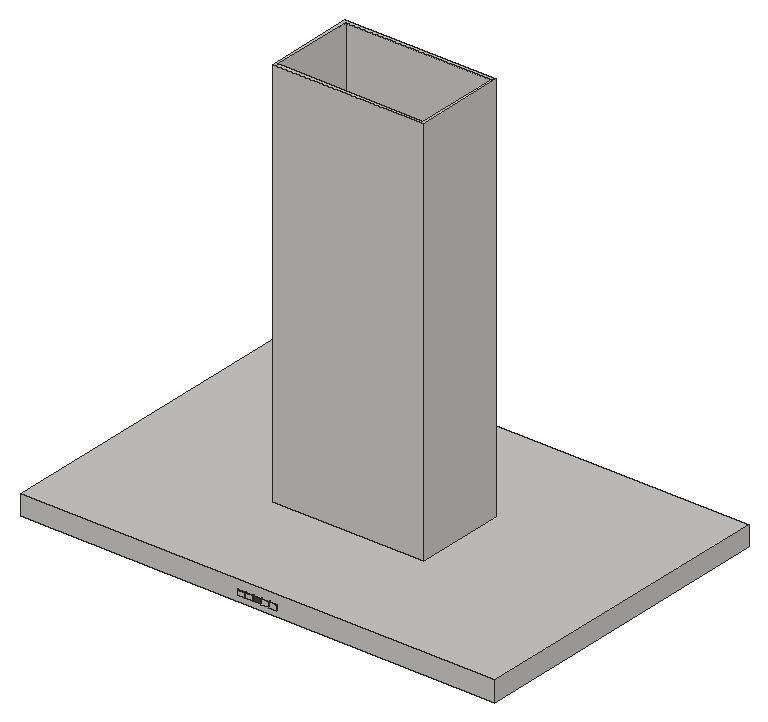
Revit family "Qf_Summit_SEIH4648CV4_48 inches Wide Island Hood", category Specialty Equipment, Revit 2020
Family settings
  Round Connector Dimension = Use Diameter
  Part Type = Normal
  Work Plane-Based = No
  Always vertical = Yes
  Cut with Voids When Loaded = No
  Shared = No
  Room Calculation Point = No
Parameters
  Weight in Pounds = 77
  Watts = FL Amps * Volts  # 678.5 W
  Volts = 115 V
  Ventilation Remarks = ""
  URL Cutsheet = ""
  Specification by User = ""
  Specification by Manufacturer = ""
  Show Clearance [instance] = yes
  Show Casters [instance] = yes
  Serial Number = ""
  Seismic Rating = ""
  SMACNA No = ""
  Revision Code = ""
  Phase = 1
  Number of Poles = 1
  NAFEM Spec ID Number = ""
  Model = "SEIH4648CV4"
  Min Ckt Ampacity = 0 A
  Max Overcurrent Protection = 0 A
  Masterspec = ""
  Manufacturer = "Summit"
  Length = 47 1/4"
  Item Number = ""
  Installed By = ""
  Identify Quantity as Lot = yes
  Height = 41"
  HP = ""
  Furnished By = ""
  Foodservice Equipment Identifier = yes
  FL Amps = 5.9 A
  Exhaust Volume = 200 CFM
  Exhaust Vent Width = 15"
  Exhaust Vent Diameter = 0"
  Exhaust Vent Depth = 9"
  Exhaust Static Press = 0.00 in-wg
  Exhaust RI Height = 0"
  Electrical Remarks = ""
  Electric Connection Type = ""
  Elec Conn RI Height = 0"
  Elec Conn Connection Height = 0"
  Description = "48\" Wide Island Hood"
  Depth = 31 1/2"
  Default Elevation = 0"
  Cycle = 60 Hz
  Conn Plug = ""
  Conn Conduit = yes
  CSI MasterFormat = ""
  Apparent Power = 828 VA
Reference planes (in)
  plane 1: z = 0
  plane 2 "LEFT": x = 0
  plane 3 "RIGHT": x = 47.25
  plane 4 "FRONT": y = -32.25
  plane 5 "TOP": z = 41
  plane 6 "Center Y": x = 23.625
  plane 7 "Center X": y = -16.5
  plane 8 "BACK": y = -0.75
  plane 9: z = 2
  plane 10: x = 16.125
  plane 11: x = 31.125
Forms (in)
  Extrusion 1, solid, material "QF_Metal_Stainless_Polished"
    sketch origin (0, 0, 0) x (1, 0, 0) y (0, 1, 0)
      loop
        line (16.375, -20.7475) -> (30.875, -20.7475) -> (30.875, -12.25) -> (16.375, -12.25) -> (16.375, -20.7475)
      loop
        line (16.125, -12) -> (16.125, -20.9975) -> (31.125, -20.9975) -> (31.125, -12) -> (16.125, -12)
    from 2 to 41
  Extrusion 2, solid, material "QF_Metal_Stainless_Polished"
    sketch origin (0, 0, 0) x (1, 0, 0) y (0, 1, 0)
      loop
        line (0, -0.75) -> (0, -32.25) -> (47.25, -32.25) -> (47.25, -0.75) -> (0, -0.75)
      loop
        line (2, -2.75) -> (2, -15) -> (12.71129, -15) -> (12.71129, -2.75) -> (8.67457, -2.75) -> (8.67457, -4.3646) -> (6.24421, -4.3646) -> (6.24421, -2.75) -> (2, -2.75)
      loop
        line (45.25, -2.75) -> (41.00579, -2.75) -> (41.00579, -4.3646) -> (38.57543, -4.3646) -> (38.57543, -2.75) -> (34.53871, -2.75) -> (34.53871, -15) -> (45.25, -15) -> (45.25, -2.75)
      loop
        line (12.8911, -15) -> (23.53989, -15) -> (23.53989, -2.75) -> (19.37817, -2.75) -> (19.37817, -4.3646) -> (16.94781, -4.3646) -> (16.94781, -2.75) -> (12.8911, -2.75) -> (12.8911, -15)
      loop
        line (2, -30.25) -> (6.24421, -30.25) -> (6.24421, -28.6354) -> (8.67457, -28.6354) -> (8.67457, -30.25) -> (12.71129, -30.25) -> (12.71129, -18) -> (2, -18) -> (2, -30.25)
      loop
        line (45.25, -18) -> (34.53871, -18) -> (34.53871, -30.25) -> (38.57543, -30.25) -> (38.57543, -28.6354) -> (41.00579, -28.6354) -> (41.00579, -30.25) -> (45.25, -30.25) -> (45.25, -18)
      loop
        line (34.3589, -15) -> (34.3589, -2.75) -> (30.30219, -2.75) -> (30.30219, -4.3646) -> (27.87183, -4.3646) -> (27.87183, -2.75) -> (23.71011, -2.75) -> (23.71011, -15) -> (34.3589, -15)
      loop
        line (12.8911, -18) -> (12.8911, -30.25) -> (16.94781, -30.25) -> (16.94781, -28.6354) -> (19.37817, -28.6354) -> (19.37817, -30.25) -> (23.53989, -30.25) -> (23.53989, -18) -> (12.8911, -18)
      loop
        line (34.3589, -18) -> (23.71011, -18) -> (23.71011, -30.25) -> (27.87183, -30.25) -> (27.87183, -28.6354) -> (30.30219, -28.6354) -> (30.30219, -30.25) -> (34.3589, -30.25) -> (34.3589, -18)
    from 0 to 2
  Extrusion 3, solid, material "QF_Metal_Stainless_Polished"
    sketch origin (10.21875, -0.75, 60) x (1, 0, 0) y (0, 0, -1)
      loop
        circle (13.40625, 47.91486) r 0.25
    from -11.25 to -11
  Extrusion 4, solid, material "QF_Metal_Stainless_Polished"
    sketch origin (1.75, -19.5, 18.5) x (1, 0, 0) y (0, 0, 1)
      loop
        line (23.03457, -17.37374) -> (22.28457, -17.37374) -> (22.28457, -17.87374) -> (23.03457, -17.87374) -> (23.03457, -17.37374)
      loop
        line (20.71543, -17.37374) -> (20.71543, -17.87374) -> (21.46543, -17.87374) -> (21.46543, -17.37374) -> (20.71543, -17.37374)
      loop
        line (19.93085, -17.37374) -> (19.93085, -17.87374) -> (20.68085, -17.87374) -> (20.68085, -17.37374) -> (19.93085, -17.37374)
      loop
        line (23.81915, -17.37374) -> (23.06915, -17.37374) -> (23.06915, -17.87374) -> (23.81915, -17.87374) -> (23.81915, -17.37374)
    from 12.75 to 12.82573
  Extrusion 5, solid, material "QF_Metallic_Paint_Black_Glossy"
    sketch origin (1.75, -19.5, 18.69115) x (1, 0, 0) y (0, 0, 1)
      loop
        line (22.25, -17.56489) -> (21.5, -17.56489) -> (21.5, -18.06489) -> (22.25, -18.06489) -> (22.25, -17.56489)
    from 12.75 to 12.82573
  Extrusion 6, solid, material "QF_Plastic_White_Smooth"
    sketch origin (7.125, -40.125, 0) x (0, 1, 0) y (-1, 0, 0)
      loop
        line (37.25, 5) -> (25.15625, 5) -> (25.15625, -5.53531) -> (37.25, -5.53531) -> (37.25, -1.59781) -> (35.71875, -1.59781) -> (35.71875, 0.93344) -> (37.25, 0.93344) -> (37.25, 5)
      loop
        line (37.25, -16.34894) -> (37.25, -12.28237) -> (35.71875, -12.28237) -> (35.71875, -9.75112) -> (37.25, -9.75112) -> (37.25, -5.81362) -> (25.15625, -5.81362) -> (25.15625, -16.34894) -> (37.25, -16.34894)
      loop
        line (37.25, -38) -> (37.25, -33.93344) -> (35.71875, -33.93344) -> (35.71875, -31.40219) -> (37.25, -31.40219) -> (37.25, -27.46469) -> (25.15625, -27.46469) -> (25.15625, -38) -> (37.25, -38)
      loop
        line (37.25, -16.65106) -> (25.15625, -16.65106) -> (25.15625, -27.18638) -> (37.25, -27.18638) -> (37.25, -23.24888) -> (35.71875, -23.24888) -> (35.71875, -20.71763) -> (37.25, -20.71763) -> (37.25, -16.65106)
      loop
        line (10, 5) -> (10, 0.93344) -> (11.53125, 0.93344) -> (11.53125, -1.59781) -> (10, -1.59781) -> (10, -5.53531) -> (22.09375, -5.53531) -> (22.09375, 5) -> (10, 5)
      loop
        line (10, -16.34894) -> (22.09375, -16.34894) -> (22.09375, -5.81362) -> (10, -5.81362) -> (10, -9.75112) -> (11.53125, -9.75112) -> (11.53125, -12.28237) -> (10, -12.28237) -> (10, -16.34894)
      loop
        line (10, -38) -> (22.09375, -38) -> (22.09375, -27.46469) -> (10, -27.46469) -> (10, -31.40219) -> (11.53125, -31.40219) -> (11.53125, -33.93344) -> (10, -33.93344) -> (10, -38)
      loop
        line (10, -16.65106) -> (10, -20.71763) -> (11.53125, -20.71763) -> (11.53125, -23.24888) -> (10, -23.24888) -> (10, -27.18638) -> (22.09375, -27.18638) -> (22.09375, -16.65106) -> (10, -16.65106)
    from 0 to 1
  Extrusion 7, void
    sketch origin (-1.62733, -34.1875, 0) x (0, 1, 0) y (-1, 0, 0)
      loop
        circle (17.6875, -5.52203) r 1.12733
      loop
        circle (17.6875, -15.47797) r 1.12733
      loop
        circle (17.6875, -44.98264) r 1.12733
      loop
        circle (17.6875, -35.0267) r 1.12733
    from 0 to 0.19147
  Extrusion 8, solid, material "QF_Metal_Stainless_Polished"
    sketch origin (0, 2, 0) x (1, 0, 0) y (0, 1, 0)
      loop
        line (2, -4.75) -> (2, -32.25) -> (45.25, -32.25) -> (45.25, -4.75) -> (2, -4.75)
    from 1 to 2
Cuts and joins
  Extrusion 7 cuts Extrusion 2
  joined: Extrusion 2, Extrusion 8
Lines and regions (in)
  symbolic lines
    curve 1: line (0, -0.75, 0) -> (0, -32.25, 0)
    curve 2: line (0, -32.25, 0) -> (47.25, -32.25, 0)
    curve 3: line (47.25, -32.25, 0) -> (47.25, -0.75, 0)
    curve 4: line (47.25, -0.75, 0) -> (0, -0.75, 0)
    curve 5: line (30.875, -12.25, 0) -> (30.875, -20.7475, 0)
    curve 6: line (30.875, -20.7475, 0) -> (16.375, -20.7475, 0)
    curve 7: line (16.375, -20.7475, 0) -> (16.375, -12.25, 0)
    curve 8: line (16.375, -12.25, 0) -> (30.875, -12.25, 0)
    curve 9: line (16.125, -12, 0) -> (16.125, -20.9975, 0)
    curve 10: line (16.125, -20.9975, 0) -> (31.125, -20.9975, 0)
    curve 11: line (31.125, -20.9975, 0) -> (31.125, -12, 0)
    curve 12: line (31.125, -12, 0) -> (16.125, -12, 0)
Dimensions and locks (in)
  equal spacing: plane 2 "LEFT", plane 6 "Center Y", plane 3 "RIGHT"
  "Length": plane 2 "LEFT" to plane 3 "RIGHT"
  equal spacing: plane 4 "FRONT", plane 7 "Center X", plane 8 "BACK"
  "Height": plane 5 "TOP" to level
  plane 3 "RIGHT" to plane 2 "LEFT" = 47 1/4"
  plane 5 "TOP" to level = 41"
  "Depth": plane 4 "FRONT" to plane 8 "BACK"
  locked: plane 9 to level at 2
  locked: plane 6 "Center Y" to Extrusion 3 sketch curve
  equal spacing: plane 10, plane 6 "Center Y", plane 11, locked at 7.5 each
  plane 10 to plane 11 = 15"
  Extrusion 4 sketch curve to Extrusion 4 sketch curve to Extrusion 4 sketch curve to Extrusion 4 sketch curve to plane 6 "Center Y" to Extrusion 4 sketch curve to Extrusion 4 sketch curve to Extrusion 4 sketch curve to Extrusion 4 sketch curve = 3/4" locked, 0.03457" locked, 3/4" locked, 0.40957" locked, 0.40957" locked, 3/4" locked, 0.03457" locked, 3/4" locked
  aligned and locked: level to plane 1
  aligned and locked: plane 5 "TOP" to Extrusion 1
  aligned and locked: Extrusion 2 to plane 9
  aligned and locked: Extrusion 1 to plane 9
  aligned and locked: Extrusion 5 to plane 4 "FRONT"
  aligned and locked: Extrusion 4 to plane 4 "FRONT"
  aligned and locked: Extrusion 4 to Extrusion 5
Automatic sketch dimensions
  curve 1 to plane 2 "LEFT" = 0"
  curve 9 to plane 10 = 0"
  curve 11 to plane 11 = 0"
  curve 2 to plane 3 "RIGHT" = 0"
  plane 4 "FRONT" to curve 1 = 0"
  plane 8 "BACK" to curve 4 = 0"
  curve 8 to plane 10 = 1/4"
  plane 11 to curve 5 = 1/4"
  curve 10 to plane 7 "Center X" = 4.4975"
  curve 9 to curve 6 = 1/4"
  plane 7 "Center X" to curve 8 = 4 1/4"
  curve 5 to curve 11 = 1/4"
  Extrusion 1 sketch curve to plane 10 = 0"
  Extrusion 1 sketch curve to plane 11 = 0"
  Extrusion 1 sketch curve to plane 10 = 1/4"
  plane 11 to Extrusion 1 sketch curve = 1/4"
  Extrusion 1 sketch curve to plane 7 "Center X" = 4.4975"
  Extrusion 1 sketch curve to Extrusion 1 sketch curve = 1/4"  (x2)
  plane 7 "Center X" to Extrusion 1 sketch curve = 4 1/4"
  Extrusion 2 sketch curve to plane 2 "LEFT" = 0"
  Extrusion 2 sketch curve to plane 3 "RIGHT" = 0"
  plane 4 "FRONT" to Extrusion 2 sketch curve = 0"
  plane 8 "BACK" to Extrusion 2 sketch curve = 0"
  plane 2 "LEFT" to Extrusion 2 sketch curve = 2"  (x2)
  Extrusion 2 sketch curve to plane 4 "FRONT" = 2"  (x7)
  Extrusion 2 sketch curve to Extrusion 2 sketch curve = 4.24421"  (x2)
  plane 8 "BACK" to Extrusion 2 sketch curve = 2"  (x3)
  Extrusion 2 sketch curve to Extrusion 2 sketch curve = 2.43036"  (x6)
  plane 7 "Center X" to Extrusion 2 sketch curve = 1 1/2"  (x3)
  plane 10 to Extrusion 2 sketch curve = 3.41371"  (x2)
  Extrusion 2 sketch curve to Extrusion 2 sketch curve = 0.17981"  (x4)
  Extrusion 2 sketch curve to plane 10 = 0.82281"  (x2)
  Extrusion 2 sketch curve to plane 6 "Center Y" = 0.08511"  (x2)
  plane 6 "Center Y" to Extrusion 2 sketch curve = 0.08511"  (x2)
  plane 11 to Extrusion 2 sketch curve = 3.25317"  (x2)
  plane 11 to Extrusion 2 sketch curve = 0.82281"  (x2)
  Extrusion 2 sketch curve to plane 11 = 3.2339"
  Extrusion 2 sketch curve to plane 7 "Center X" = 1 1/2"  (x2)
  Extrusion 2 sketch curve to Extrusion 2 sketch curve = 0"  (x5)
  Extrusion 2 sketch curve to Extrusion 2 sketch curve = 4.03672"  (x2)
  plane 3 "RIGHT" to Extrusion 2 sketch curve = 2"  (x2)
  Extrusion 2 sketch curve to Extrusion 2 sketch curve = 1.6146"  (x11)
  plane 8 "BACK" to Extrusion 2 sketch curve = 3.6146"  (x2)
  plane 9 to Extrusion 3 sketch curve = 10.08514"
  level to Extrusion 4 sketch curve = 0.62626"  (x2)
  Extrusion 4 sketch curve to Extrusion 4 sketch curve = 0"  (x3)
  Extrusion 4 sketch curve to Extrusion 4 sketch curve = 1/2"  (x3)
  Extrusion 5 sketch curve to plane 6 "Center Y" = 3/8"
  plane 6 "Center Y" to Extrusion 5 sketch curve = 3/8"
  level to Extrusion 5 sketch curve = 0.62626"
  Extrusion 5 sketch curve to Extrusion 5 sketch curve = 1/2"
  Extrusion 6 sketch curve to plane 4 "FRONT" = 2 1/8"  (x7)
  plane 11 to Extrusion 6 sketch curve = 0.75112"  (x2)
  Extrusion 6 sketch curve to Extrusion 6 sketch curve = 0"  (x7)
  Extrusion 6 sketch curve to plane 10 = 0.75112"  (x2)
  Extrusion 6 sketch curve to Extrusion 6 sketch curve = 1 17/32"  (x8)
  plane 6 "Center Y" to Extrusion 6 sketch curve = 0.15106"  (x2)
  Extrusion 6 sketch curve to plane 7 "Center X" = 1 17/32"  (x2)
  Extrusion 6 sketch curve to plane 6 "Center Y" = 0.15106"  (x2)
  plane 7 "Center X" to Extrusion 6 sketch curve = 1 17/32"
  plane 8 "BACK" to Extrusion 6 sketch curve = 3 21/32"  (x4)
  plane 8 "BACK" to Extrusion 6 sketch curve = 2 1/8"  (x4)
  Extrusion 6 sketch curve to plane 11 = 3.18638"
  Extrusion 6 sketch curve to Extrusion 6 sketch curve = 0.27831"  (x4)
  Extrusion 6 sketch curve to Extrusion 6 sketch curve = 3 15/16"  (x4)
  Extrusion 6 sketch curve to Extrusion 6 sketch curve = 2 17/32"  (x7)
  plane 3 "RIGHT" to Extrusion 6 sketch curve = 2 1/8"  (x2)
  Extrusion 6 sketch curve to plane 10 = 3.28237"
  plane 10 to Extrusion 6 sketch curve = 3.18638"  (x2)
  plane 2 "LEFT" to Extrusion 6 sketch curve = 2 1/8"  (x2)
  Extrusion 7 sketch curve to plane 7 "Center X" = 0"  (x3)
  plane 7 "Center X" to Extrusion 7 sketch curve = 0"
  plane 3 "RIGHT" to Extrusion 7 sketch curve = 3.8947"
  Extrusion 7 sketch curve to plane 11 = 2.27436"
  plane 10 to Extrusion 7 sketch curve = 2.27436"
  plane 2 "LEFT" to Extrusion 7 sketch curve = 3.8947"
  plane 2 "LEFT" to Extrusion 8 sketch curve = 2"
  plane 3 "RIGHT" to Extrusion 8 sketch curve = 2"
  Extrusion 8 sketch curve to plane 4 "FRONT" = 2"
  plane 8 "BACK" to Extrusion 8 sketch curve = 2"
  radius of Extrusion 3 sketch curve = 1/4"
  radius of Extrusion 7 sketch curve = 1.12733"  (x4)
Connectors (in)
  electrical at (23.625, -11.75, 12.08514)
    settings: on Extrusion 3, index 1, voltage 0 V, apparent load 0 VA, apparent load phase1 0 VA, apparent load phase2 0 VA, apparent load phase3 0 VA, power factor 1, load classification "Other", number of poles 1, system type 31, power factor state 1, is connector primary yes, connector utility no, sub classification motor no, connector description "Electrical Inlet"
  hvac at (23.625, -16.49875, 41)
    settings: on Extrusion 1, index 2, duct flow 0 CFM, flow factor 0, pres drop 0.00 in-wg, loss coef 0, conn angle 0.00°, conn width 15", conn height 9", conn diameter 24", duct sys type 3, conn prof type 1, flow config 1, flow direction 2, loss method 0, conn ref index -1, conn util no, is conn primary yes, conn desc "Exhaust"
